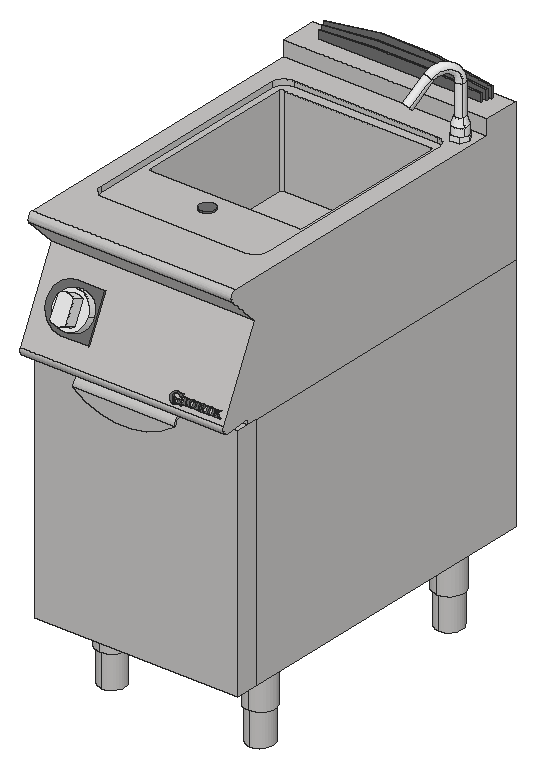
Revit family "QF_GIORIK_CPG726", category Specialty Equipment, Revit 2014
Parameters (values of type "CPG726")
  Weight in Pounds = 114.6402
  Waste Water Discharge Temperature [instance] = 0 °C
  URL Cutsheet = "www.giorik.com"
  URL = "www.giorik.com"
  Status [instance] = ""
  Specification by User [instance] = ""
  Specification by Manufacturer = ""
  Show Logo [instance] = yes
  Show Clearance [instance] = yes
  Serial Number = ""
  Seismic Rating = ""
  SMACNA No = ""
  Revision Code [instance] = ""
  Plumbing Remarks [instance] = ""
  Plumbing Connection Type [instance] = ""
  NAFEM Spec ID Number = ""
  Model = "CPG726"
  Masterspec = ""
  Manufacturer = "GIORIK"
  Item Number [instance] = ""
  Installed By [instance] = ""
  Indirect Waste Size = 1"
  Indirect Waste Flow = 0.0 L/s
  Indirect Waste Connection Type [instance] = ""
  Indirect Waste Connection Height [instance] = 150 mm
  Identify Quantity as Lot [instance] = no
  Gas Size = 1"
  Gas RI Height [instance] = 0 mm
  Gas KW = 10
  Gas Input = 10000 W
  Gas Connection Height [instance] = 150 mm
  Furnished By [instance] = ""
  Foodservice Equipment Identifier [instance] = yes
  Description = "26 LITRE SINGLE TANK GAS PASTA COOKER."
  Cold Water Temperature Recommended = 0 °C
  Cold Water Size = 1/2"
  Cold Water RI Height [instance] = 150 mm
  Cold Water Minimum Pressure = 20000.0 Pa
  Cold Water Maximum Pressure = 50000.0 Pa
  Cold Water Flow [instance] = 0.0 L/s
  Cold Water Consumption [instance] = ""
  Cold Water Connection Height [instance] = 150 mm
  CSI MasterFormat = ""
  Assembly Code = "E1090320"
Reference planes
  plane 1 "Back": y = 0
  plane 2: z = 0
  plane 3 "Left": x = 0
  plane 4 "Right": x = 400
  plane 5 "Front": y = -720
  plane 6 "Top": z = 900
Forms (mm)
  Extrusion 1, solid, visible <- "Show Logo"
    sketch origin (196.604, -736.761, 609.486) x (-1, 0, 0) y (0, 0.452718, 0.891654)
      loop
        line (-118.824, 58.358) -> (-127.804, 58.358) -> (-125.523, 56.445) -> (-125.523, 48.027) -> (-127.804, 46.113) -> (-118.824, 46.113) -> (-121.105, 48.027) -> (-121.105, 56.445) -> (-118.824, 58.358)
      loop
        line (-163.721, 58.358) -> (-172.7, 58.358) -> (-170.42, 56.445) -> (-170.42, 48.027) -> (-172.7, 46.113) -> (-163.721, 46.113) -> (-166.001, 48.027) -> (-166.001, 56.445) -> (-163.721, 58.358)
      loop
        line (-174.332, 58.358) -> (-183.312, 58.358) -> (-181.031, 56.445) -> (-181.031, 52.435) -> (-186.419, 56.955) -> (-184.416, 58.358) -> (-191.268, 58.358) -> (-188.01, 56.839) -> (-185.455, 54.283) -> (-190.846, 47.858) -> (-193.396, 46.93) -> (-193.396, 46.113) -> (-184.416, 46.113) -> (-185.437, 47.571) -> (-182.443, 51.552) -> (-181.031, 50.894) -> (-181.031, 48.027) -> (-183.312, 46.113) -> (-174.332, 46.113) -> (-176.613, 48.027) -> (-176.613, 56.445) -> (-174.332, 58.358)
      loop
        line (-115.429, 62.063) -> (-115.429, 54.198)
        arc (-115.429, 54.198) -> (-111.618, 57.803) -> (-106.847, 59.986) r 16.039
        arc (-106.847, 59.986) -> (-103.314, 59.837) -> (-100.512, 57.68) r 5.851
        arc (-100.512, 57.68) -> (-98.815, 52.267) -> (-100.512, 46.853) r 9.479
        arc (-100.512, 46.853) -> (-102.406, 44.986) -> (-104.846, 43.93) r 7.236
        arc (-104.846, 43.93) -> (-107.728, 44.111) -> (-110.052, 45.825) r 5.11
        line (-110.052, 45.825) -> (-110.052, 52.001) -> (-116.141, 52.001) -> (-116.141, 45.503) -> (-117.893, 43.751) -> (-114.094, 44.769)
        arc (-114.094, 44.769) -> (-112.56, 44.947) -> (-111.129, 44.366) r 3.115
        arc (-111.129, 44.366) -> (-104.216, 42.091) -> (-97.303, 44.366) r 11.641
        arc (-97.303, 44.366) -> (-93.396, 52.107) -> (-97.303, 59.849) r 9.622
        arc (-97.303, 59.849) -> (-104.369, 62.174) -> (-111.435, 59.849) r 11.898
        line (-111.435, 59.849) -> (-115.429, 62.063)
      loop
        arc (-129.234, 56.068) -> (-135.893, 58.628) -> (-142.552, 56.068) r 9.941
        arc (-142.552, 56.068) -> (-144.234, 52.286) -> (-142.552, 48.505) r 5.093
        arc (-142.552, 48.505) -> (-135.893, 45.945) -> (-129.234, 48.505) r 9.941
        arc (-129.234, 48.505) -> (-127.552, 52.286) -> (-129.234, 56.068) r 5.093
      loop
        arc (-132.628, 54.403) -> (-135.893, 57.668) -> (-139.158, 54.403) r 3.265
        line (-139.158, 54.403) -> (-139.158, 50.169)
        arc (-139.158, 50.169) -> (-135.893, 46.904) -> (-132.628, 50.169) r 3.265
        line (-132.628, 50.169) -> (-132.628, 54.403)
      loop
        arc (-156.363, 58.365) -> (-159.647, 55.081) -> (-156.363, 51.796) r 3.285
        line (-156.363, 51.796) -> (-159.529, 47.306) -> (-162.087, 46.113) -> (-155.847, 46.113) -> (-153.529, 51.083) -> (-150.637, 51.083) -> (-150.637, 47.784) -> (-153.022, 46.113) -> (-144.011, 46.113) -> (-146.094, 47.68) -> (-146.094, 56.493) -> (-144.229, 58.365) -> (-156.363, 58.365)
      loop
        line (-150.637, 57.512) -> (-153.637, 57.512)
        arc (-153.637, 57.512) -> (-156.237, 54.912) -> (-153.637, 52.312) r 2.6
        line (-153.637, 52.312) -> (-150.637, 52.312) -> (-150.637, 57.512)
      loop
        line (-108.924, 52.001) -> (-104.936, 49.005) -> (-100.948, 52.001) -> (-108.924, 52.001)
    from 1.5 to -0.5
  Extrusion 2, solid
    sketch origin (-16, 1025.81, 0) x (1, 0, 0) y (0, 1, 0)
      loop
        line (25, -1086.81) -> (25, -1156.81) -> (115, -1156.81) -> (115, -1086.81) -> (25, -1086.81)
    from 148 to 150
  Extrusion 3, solid
    sketch origin (35, -65, 130) x (1, 0, 0) y (0, 1, 0)
      loop
        circle (54, -385) r 12.5
    from 0 to 20
  Extrusion 4, solid
    sketch origin (0, 1000, -20) x (0, 1, 0) y (0, 0, 1)
      loop
        line (-1000, 919.988) -> (-1070, 919.988) -> (-1070, 889.988) -> (-1688.806, 889.988)
        arc (-1688.806, 889.988) -> (-1699.151, 883.075) -> (-1696.724, 870.873) r 11.197
        line (-1696.724, 870.873) -> (-1640.876, 815.025) -> (-1718.948, 661.258)
        arc (-1718.948, 661.258) -> (-1718.233, 650.105) -> (-1708.118, 645.354) r 10.981
        line (-1708.118, 645.354) -> (-1660, 649.925) -> (-1660, 640) -> (-1000, 640) -> (-1000, 919.988)
    from 0 to 400
  Extrusion 5, solid
    sketch origin (0, 0, 599.536) x (1, 0, 0) y (0, 1, 0)
      loop
        line (0, -640) -> (40, -640) -> (40, -40) -> (360, -40) -> (360, -640) -> (400, -640) -> (400, 0) -> (0, 0) -> (0, -640)
    from -449.536 to 20.464
  Extrusion 6, solid
    sketch origin (0, 0, 0) x (1, 0, 0) y (0, 1, 0)
      loop
        line (40, -40) -> (40, -640) -> (360, -640) -> (360, -40) -> (40, -40)
    from 150 to 190
  Extrusion 7, solid
    sketch origin (-16, 560.81, 0) x (1, 0, 0) y (0, 1, 0)
      loop
        line (25, -1086.81) -> (25, -1156.81) -> (115, -1156.81) -> (115, -1086.81) -> (25, -1086.81)
    from 148 to 150
  Revolve 8, solid
    sketch origin (54, 560.81, 0) x (0, 1, 0) y (0, 0, 1)
      loop
        line (-1092.56, 66) -> (-1092.56, 148) -> (-1121.81, 148) -> (-1121.81, 0) -> (-1096.81, 0) -> (-1096.81, 66) -> (-1092.56, 66)
      axis (-1121.81, 0) -> (-1121.81, 148)
    angle from 0 to 360
  Revolve 9, solid
    sketch origin (54, 1025.81, 0) x (0, 1, 0) y (0, 0, 1)
      loop
        line (-1092.56, 66) -> (-1092.56, 148) -> (-1121.81, 148) -> (-1121.81, 0) -> (-1096.81, 0) -> (-1096.81, 66) -> (-1092.56, 66)
      axis (-1121.81, 0) -> (-1121.81, 148)
    angle from 0 to 360
  Extrusion 10, solid
    sketch origin (416, 560.81, 0) x (-1, 0, 0) y (0, -1, 0)
      loop
        line (25, 1086.81) -> (115, 1086.81) -> (115, 1156.81) -> (25, 1156.81) -> (25, 1086.81)
    from 148 to 150
  Revolve 11, solid
    sketch origin (346, 560.81, 0) x (0, 1, 0) y (0, 0, -1)
      loop
        line (-1092.56, -66) -> (-1096.81, -66) -> (-1096.81, 0) -> (-1121.81, 0) -> (-1121.81, -148) -> (-1092.56, -148) -> (-1092.56, -66)
      axis (-1121.81, 0) -> (-1121.81, -148)
    angle from 0 to 360
  Extrusion 12, solid
    sketch origin (416, -1217.81, 0) x (-1, 0, 0) y (0, -1, 0)
      loop
        line (25, -1086.81) -> (25, -1156.81) -> (115, -1156.81) -> (115, -1086.81) -> (25, -1086.81)
    from 148 to 150
  Revolve 13, solid
    sketch origin (346, -1217.81, 0) x (0, -1, 0) y (0, 0, 1)
      loop
        line (-1092.56, 66) -> (-1092.56, 148) -> (-1121.81, 148) -> (-1121.81, 0) -> (-1096.81, 0) -> (-1096.81, 66) -> (-1092.56, 66)
      axis (-1121.81, 0) -> (-1121.81, 148)
    angle from 0 to 360
  Extrusion 14, solid
    sketch origin (-343.221, -963.345, 52.363) x (1, 0, 0) y (0, 0.452718, 0.891654)
      loop
        line (463.221, 676.25) -> (463.221, 766.25) -> (409.698, 766.25)
        arc (409.698, 766.25) -> (364.698, 721.25) -> (409.698, 676.25) r 45
        line (409.698, 676.25) -> (463.221, 676.25)
    from 48 to 50
  Extrusion 15, solid
    sketch origin (431.331, -1008.697, 74.959) x (-1, 0, 0) y (0, -0.45351, -0.891251)
      loop
        circle (351.331, -721.346) r 35
    from 0 to 15
  Extrusion 16, solid
    sketch origin (431.331, -1008.697, 74.959) x (-1, 0, 0) y (0, -0.45351, -0.891251)
      loop
        arc (336.331, -743.846) -> (351.331, -748.846) -> (366.331, -743.846) r 25
        line (366.331, -743.846) -> (366.331, -698.846)
        arc (366.331, -698.846) -> (351.331, -693.846) -> (336.331, -698.846) r 25
        line (336.331, -698.846) -> (336.331, -743.846)
    from 15 to 40
  Extrusion 17, solid
    sketch origin (-94, 0, -10.001) x (1, 0, 0) y (0, 0, 1)
      loop
        line (135, 909.989) -> (453, 909.989) -> (453, 925.527) -> (347.056, 931.749) -> (240.944, 931.749) -> (135, 925.527) -> (135, 909.989)
    from 32 to 35
  Extrusion 18, solid
    sketch origin (-92, 10, -10.001) x (1, 0, 0) y (0, 0, 1)
      loop
        line (454, 909.989) -> (454, 928.527) -> (346.162, 939.193) -> (237.838, 939.193) -> (130, 928.527) -> (130, 909.989) -> (454, 909.989)
    from 32 to 35
  Extrusion 19, solid
    sketch origin (-90, 20, -10.001) x (1, 0, 0) y (0, 0, 1)
      loop
        line (455, 909.989) -> (455, 930.527) -> (345.396, 947.413) -> (234.604, 947.413) -> (125, 930.527) -> (125, 909.989) -> (455, 909.989)
    from 32 to 35
  Extrusion 20, void
    sketch origin (0, 0, 819.988) x (0, 1, 0) y (-1, 0, 0)
      loop
        arc (-120, -60) -> (-127.322, -42.322) -> (-145, -35) r 25
        line (-145, -35) -> (-565.002, -35)
        arc (-565.002, -35) -> (-582.68, -42.322) -> (-590.002, -60) r 25
        line (-590.002, -60) -> (-590.002, -340)
        arc (-590.002, -340) -> (-582.68, -357.678) -> (-565.002, -365) r 25
        line (-565.002, -365) -> (-145, -365)
        arc (-145, -365) -> (-127.322, -357.678) -> (-120, -340) r 25
        line (-120, -340) -> (-120, -60)
    from -137.243 to 50
  Extrusion 21, solid
    sketch origin (-224, -316, 100) x (0, 1, 0) y (-1, 0, 0)
      loop
        circle (-54, -313) r 6
    from 30 to 50
  Extrusion 22, solid
    sketch origin (136, -286, 100) x (0, 1, 0) y (-1, 0, 0)
      loop
        circle (-129, -162) r 12.5
    from 30 to 50
  Extrusion 23, solid
    sketch origin (0, 0, 809.988) x (0, 1, 0) y (-1, 0, 0)
      loop
        line (-140, -345) -> (-140, -55)
        arc (-140, -55) -> (-141.464, -51.464) -> (-145, -50) r 5
        line (-145, -50) -> (-460.364, -50)
        arc (-460.364, -50) -> (-463.899, -51.464) -> (-465.364, -55) r 5
        line (-465.364, -55) -> (-465.364, -345)
        arc (-465.364, -345) -> (-463.899, -348.536) -> (-460.364, -350) r 5
        line (-460.364, -350) -> (-145, -350)
        arc (-145, -350) -> (-141.464, -348.536) -> (-140, -345) r 5
      loop
        arc (-126.33, -368.87) -> (-119.259, -365.941) -> (-116.33, -358.87) r 10
        line (-116.33, -358.87) -> (-116.33, -40.28)
        arc (-116.33, -40.28) -> (-119.259, -33.209) -> (-126.33, -30.28) r 10
        line (-126.33, -30.28) -> (-586, -30.28)
        arc (-586, -30.28) -> (-593.071, -33.209) -> (-596, -40.28) r 10
        line (-596, -40.28) -> (-596, -358.87)
        arc (-596, -358.87) -> (-593.071, -365.941) -> (-586, -368.87) r 10
        line (-586, -368.87) -> (-126.33, -368.87)
    from -136.122 to 50
  Extrusion 24, solid
    sketch origin (-4.529, -25.827, 861.988) x (0, 1, 0) y (-1, 0, 0)
      loop
        circle (-476.382, -199.529) r 15
    from -2 to 0
  Extrusion 25, solid
    sketch origin (0, -725, 0) x (1, 0, 0) y (0, 0, 1)
      loop
        line (0, 620) -> (0, 150) -> (400, 150) -> (400, 620) -> (0, 620)
    from -85 to -40
  Extrusion 26, solid
    sketch origin (2.5, -725, -20.1) x (0, 1, 0) y (0, 0, 1)
      loop
        arc (25, 640.1) -> (14.393, 635.707) -> (10, 625.1) r 15
        line (10, 625.1) -> (12, 625.1)
        arc (12, 625.1) -> (15.808, 634.292) -> (25, 638.1) r 13
        line (25, 638.1) -> (40, 638.1) -> (40, 640.1) -> (25, 640.1)
    from 97.5 to 297.5
  Extrusion 27, solid
    sketch origin (2.5, -724.905, -20.1) x (1, 0, 0) y (0, 0, 1)
      loop
        arc (97.5, 625.1) -> (197.5, 590.089) -> (297.5, 625.1) r 160.316
        line (297.5, 625.1) -> (97.5, 625.1)
    from -11.905 to -9.905
  Extrusion 28, solid, visible <- "Show Clearance", detail levels coarse
    sketch origin (395, -725, 0) x (-1, 0, 0) y (0, -1, 0)
      loop
        line (-5, -40) -> (395, -40)
        arc (395, -40) -> (277.534, 241.069) -> (-5, 354.968) r 395
        line (-5, 354.968) -> (-5, -40)
    from 150 to 620
  Revolve 29, solid
    sketch origin (-198.802, 177.988, -15.012) x (0.898794, -0.438371, 0) y (0, 0, 1)
      loop
        line (635, 895) -> (650, 895) -> (650, 910) -> (645, 925) -> (635, 925) -> (635, 895)
      axis (635, 925) -> (635, 895)
    angle from 0 to 360
  Sweep 30, solid
    path origin (475.826, 112.637, -15.012) x (0.438371, 0.898794, 0) y (0, 0, 1)
      loop
        line (-237, 925) -> (-237, 986.382)
        arc (-237, 986.382) -> (-256.494, 1014.482) -> (-289.641, 1006.064) r 30
        line (-289.641, 1006.064) -> (-326.852, 963.258)
    profile origin (371.932, -100.377, 940.679) x (-0.438371, -0.898794, 0) y (0.898794, -0.438371, 0)
      loop
        circle (0, 0) r 9
  Extrusion 31, solid
    sketch origin (-678.267, 1018.797, 884.988) x (-0.779686, 0.626171, 0) y (-0.626171, -0.779686, 0)
      loop
        line (-1502.427, 209.668) -> (-1506.406, 227.223) -> (-1523.598, 232.555) -> (-1536.811, 220.332) -> (-1532.833, 202.777) -> (-1515.641, 197.445) -> (-1502.427, 209.668)
    from -15 to -5
Cuts and joins
  Extrusion 20 cuts Extrusion 4
Lines and regions (mm)
  symbolic lines, style "200-EquipBorder-2D"
    curve 1: line (0, -720, 0) -> (400, -720, 0)
    curve 2: line (400, -720, 0) -> (400, 0, 0)
    curve 3: line (400, 0, 0) -> (0, 0, 0)
    curve 4: line (0, 0, 0) -> (0, -720, 0)
  symbolic lines, style "200-EquipInternal-2D"
    curve 5: line (0, -70, 900) -> (400, -70, 900)
    curve 6: line (35, -12, 900) -> (365, -12, 900)
    curve 7: line (365, -12, 900) -> (365, -15, 900)
    curve 8: line (365, -15, 900) -> (35, -15, 900)
    curve 9: line (35, -15, 900) -> (35, -12, 900)
    curve 10: line (38, -22, 900) -> (362, -22, 900)
    curve 11: line (362, -22, 900) -> (362, -25, 900)
    curve 12: line (362, -25, 900) -> (38, -25, 900)
    curve 13: line (38, -25, 900) -> (38, -22, 900)
    curve 14: line (41, -32, 900) -> (359, -32, 900)
    curve 15: line (359, -32, 900) -> (359, -35, 900)
    curve 16: line (359, -35, 900) -> (41, -35, 900)
    curve 17: line (41, -35, 900) -> (41, -32, 900)
    curve 18: line (340, -120, 900) -> (60, -120, 900)
    curve 19: arc (60, -120, 900) -> (42.322, -127.322, 900) -> (35, -145, 900) r 25
    curve 20: line (35, -145, 900) -> (35, -565, 900)
    curve 21: arc (351.084, -122.591, 900) -> (345.692, -120.656, 900) -> (340, -120, 900) r 25
    curve 22: line (365, -565, 900) -> (365, -145, 900)
    curve 23: arc (340, -590, 900) -> (357.678, -582.678, 900) -> (365, -565, 900) r 25
    curve 24: line (60, -590, 900) -> (340, -590, 900)
    curve 25: arc (35, -565, 900) -> (42.322, -582.678, 900) -> (60, -590, 900) r 25
    curve 26: line (50, -460.364, 900) -> (50, -145, 900)
    curve 27: line (55, -140, 900) -> (342.593, -140, 900)
    curve 28: line (350, -165.875, 900) -> (350, -460.364, 900)
    curve 29: line (345, -465.364, 900) -> (55, -465.364, 900)
    curve 30: arc (55, -140, 900) -> (51.464, -141.464, 900) -> (50, -145, 900) r 5
    curve 31: arc (350, -460.364, 900) -> (348.536, -463.899, 900) -> (345, -465.364, 900) r 5
    curve 32: arc (55, -465.364, 900) -> (51.464, -463.899, 900) -> (50, -460.364, 900) r 5
    curve 33: circle (195, -502.209, 900) r 15 normal (0, 0, 1)
    curve 36: arc (365, -145, 900) -> (364.71, -141.2, 900) -> (363.845, -137.489, 900) r 25
    curve 37: line (353.976, -101.633, 900) -> (361.867, -85.455, 900)
    curve 38: line (361.867, -85.455, 900) -> (379.823, -84.199, 900)
    curve 39: line (379.823, -84.199, 900) -> (389.888, -99.122, 900)
    curve 40: line (389.888, -99.122, 900) -> (381.998, -115.3, 900)
    curve 41: line (381.998, -115.3, 900) -> (374.408, -115.831, 900)
    curve 42: line (380.021, -104.323, 900) -> (340.633, -185.081, 900)
    curve 43: line (324.455, -177.19, 900) -> (363.843, -96.432, 900)
    curve 44: line (353.976, -101.633, 900) -> (358.23, -107.94, 900)
    curve 45: arc (363.843, -96.432, 900) -> (375.877, -92.288, 900) -> (380.021, -104.323, 900) r 9
    curve 46: arc (324.455, -177.19, 900) -> (329.534, -187.307, 900) -> (340.633, -185.081, 900) r 9.332
    curve 47: arc (358.582, -107.217, 900) -> (378.508, -86.895, 900) -> (374.761, -115.108, 900) r 15
  symbolic lines, style "QF_Door-Drawer Clearances", visible <- "Show Clearance", detail levels coarse
    curve 34: arc (400, -1079.968, 0) -> (130.204, -978.101, 0) -> (1.554, -720, 0) r 395
    curve 35: line (400, -720, 0) -> (400, -1079.968, 0)
Dimensions and locks
  plane 3 "Left" to plane 4 "Right" = 400 mm
  plane 5 "Front" to plane 1 "Back" = 720 mm
  plane 4 "Right" to plane 3 "Left" = 400 mm
  plane 1 "Back" to plane 5 "Front" = 720 mm
  plane 6 "Top" to level = 900 mm  (x2)
  aligned and locked: level to plane 2
Connectors
  piping at (89, -370, 130), diameter 12.7, driven by "Cold Water Size", driven by "Cold Water Flow"
    settings: on Extrusion 21, index 2, connector inside diameter 24", connector length 0 mm, flow factor 0, pipe flow 0.0 L/s, pressure drop 0.0 Pa, fitting loss kfactor 0, connector angle 0.00°, fixture units 0, engagement length 0 mm, angle of deflection 0.00°, flow configuration 1, flow direction 1, fitting loss method 0, system type 20, joint type 0, gender type 0, connector reference index -1, connector utility 0, adjustable connector no, is connector primary yes, connector description "Water inlet"
  piping at (298, -415, 130), diameter 25.4, driven by "Indirect Waste Size", driven by "Indirect Waste Flow"
    settings: on Extrusion 22, index 3, connector inside diameter 24", connector length 0 mm, flow factor 0, pipe flow 0.0 L/s, pressure drop 0.0 Pa, fitting loss kfactor 0, connector angle 0.00°, fixture units 0, engagement length 0 mm, angle of deflection 0.00°, flow configuration 1, flow direction 2, fitting loss method 0, system type 16, joint type 0, gender type 0, connector reference index -1, connector utility 0, adjustable connector no, is connector primary no, connector description "Drain connection"
  piping at (89, -450, 130), diameter 25.4, driven by "Gas Size"
    settings: on Extrusion 3, index 4, connector inside diameter 24", connector length 0 mm, flow factor 0, pipe flow 0.0 L/s, pressure drop 0.0 Pa, fitting loss kfactor 0, connector angle 0.00°, fixture units 0, engagement length 0 mm, angle of deflection 0.00°, flow configuration 1, flow direction 1, fitting loss method 0, system type 22, joint type 0, gender type 0, connector reference index -1, connector utility 0, adjustable connector no, is connector primary no, connector description "Gas inlet"
